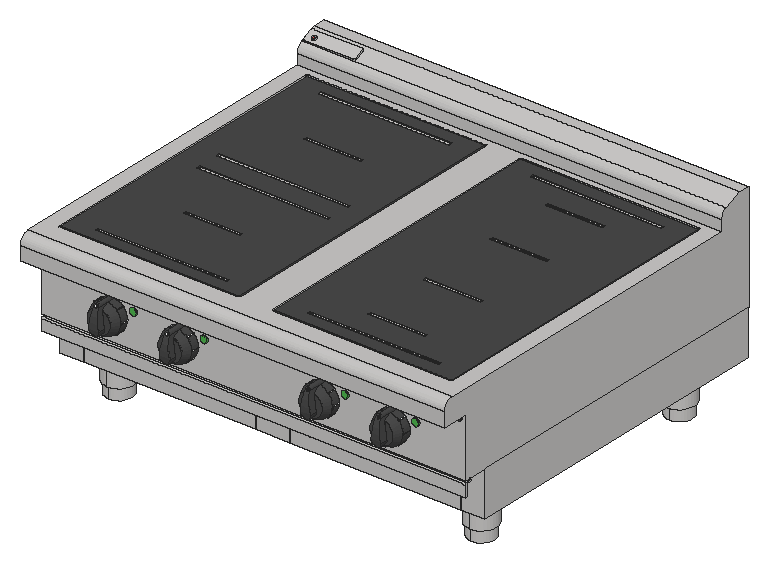
Revit family "QF_Moffat_INL8400R5F-B_Induction Cooktop_cat", category Specialty Equipment, Revit 2019 (continued)
Definition of nested family "QF_LOGO_Waldorf1"
  Automatic sketch dimensions
    Extrusion 1 sketch curve to Extrusion 1 sketch curve = 3.464 mm  (x3)
    Extrusion 1 sketch curve to Extrusion 1 sketch curve = 3.541 mm
    Extrusion 1 sketch curve to Extrusion 1 sketch curve = 4.325 mm
    Extrusion 1 sketch curve to Extrusion 1 sketch curve = 19.783 mm
    Extrusion 1 sketch curve to Extrusion 1 sketch curve = 7.592 mm
    plane 3 "LEFT" to Extrusion 2 sketch curve = 15.25 mm
    Extrusion 2 sketch curve to Extrusion 2 sketch curve = 4.325 mm
    plane 3 "LEFT" to Extrusion 3 sketch curve = 14.75 mm
    Extrusion 3 sketch curve to Extrusion 3 sketch curve = 4.325 mm
    Extrusion 1 to Split face 1 sketch curve = 6.879 mm
    Split face 1 sketch curve to Extrusion 1 = 5.728 mm
    Split face 1 sketch curve to Split face 1 sketch curve = 3.132 mm
    Split face 1 sketch curve to Split face 1 sketch curve = 4.068 mm
    Split face 1 sketch curve to Split face 1 sketch curve = 3.051 mm
    Split face 1 sketch curve to Split face 1 sketch curve = 4.203 mm
    Split face 1 sketch curve to Split face 1 sketch curve = 2.916 mm
    Split face 1 sketch curve to Split face 1 sketch curve = 3.456 mm
    Split face 1 sketch curve to Split face 1 sketch curve = 2.934 mm
    Split face 1 sketch curve to Split face 1 sketch curve = 4.131 mm
    Split face 1 sketch curve to Split face 1 sketch curve = 3.96 mm
    Split face 1 sketch curve to Split face 1 sketch curve = 0 mm  (x2)
    Split face 1 sketch curve to Extrusion 1 = 9.736 mm  (x2)
    Extrusion 1 to Split face 1 sketch curve = 6.337 mm
    Extrusion 1 to Split face 1 sketch curve = 6.231 mm
    Extrusion 1 to Split face 1 sketch curve = 3.184 mm
    Extrusion 1 to Split face 1 sketch curve = 13.135 mm
    Split face 1 sketch curve to Split face 1 sketch curve = 4.652 mm
    Split face 1 sketch curve to Split face 1 sketch curve = 3.593 mm
    Split face 1 sketch curve to Split face 1 sketch curve = 1.863 mm
    Split face 1 sketch curve to Split face 1 sketch curve = 0.713 mm
    Split face 1 sketch curve to Split face 1 sketch curve = 2.684 mm
    Split face 1 sketch curve to Split face 1 sketch curve = 3.294 mm
    Split face 1 sketch curve to Split face 1 sketch curve = 0.459 mm
    Split face 1 sketch curve to Split face 1 sketch curve = 2.775 mm
    Split face 1 sketch curve to Split face 1 sketch curve = 1.89 mm
    Split face 1 sketch curve to Split face 1 sketch curve = 0.685 mm
    Split face 1 sketch curve to Split face 1 sketch curve = 9.486 mm
    Split face 1 sketch curve to Split face 1 sketch curve = 16.213 mm
    Split face 1 sketch curve to Split face 1 sketch curve = 3.48 mm
    Split face 1 sketch curve to Split face 1 sketch curve = 4.918 mm
    Split face 1 sketch curve to Split face 1 sketch curve = 7.609 mm
    Split face 1 sketch curve to Split face 1 sketch curve = 0.01 mm  (x2)
    Split face 1 sketch curve to Split face 1 sketch curve = 0.002 mm
    Split face 2 sketch curve to Extrusion 1 = 11.169 mm
    Extrusion 1 to Split face 2 sketch curve = 25.647 mm
    Split face 2 sketch curve to Split face 2 sketch curve = 3.72 mm
    Split face 2 sketch curve to Extrusion 1 = 11.965 mm
    Split face 2 sketch curve to Split face 2 sketch curve = 0.371 mm
    Split face 2 sketch curve to Extrusion 1 = 6.602 mm
    Split face 2 sketch curve to Split face 2 sketch curve = 2.689 mm
    Split face 2 sketch curve to Split face 2 sketch curve = 0.318 mm
    Split face 2 sketch curve to Split face 2 sketch curve = 3.729 mm
    Split face 2 sketch curve to Split face 2 sketch curve = 0.414 mm
    Split face 2 sketch curve to Split face 2 sketch curve = 0.875 mm
    Split face 2 sketch curve to Split face 2 sketch curve = 0.878 mm
    Split face 3 sketch curve to Extrusion 1 = 8.597 mm
    Extrusion 1 to Split face 3 sketch curve = 29.688 mm
    Split face 3 sketch curve to Extrusion 1 = 9.264 mm
    Split face 3 sketch curve to Split face 3 sketch curve = 2.326 mm
    Split face 4 sketch curve to Extrusion 1 = 5.728 mm
    Extrusion 1 to Split face 4 sketch curve = 38.08 mm
    Split face 4 sketch curve to Split face 4 sketch curve = 3.843 mm
    Split face 4 sketch curve to Extrusion 1 = 9.736 mm
    Split face 5 sketch curve to Extrusion 1 = 9.736 mm
    Split face 5 sketch curve to Extrusion 1 = 43.205 mm
    Split face 5 sketch curve to Extrusion 1 = 6.679 mm
    Split face 5 sketch curve to Split face 5 sketch curve = 0.342 mm
    Split face 5 sketch curve to Split face 5 sketch curve = 3.375 mm
    Split face 5 sketch curve to Split face 5 sketch curve = 0.952 mm
    Split face 5 sketch curve to Split face 5 sketch curve = 3.998 mm
    Split face 6 sketch curve to Extrusion 1 = 7.499 mm
    Split face 6 sketch curve to Extrusion 1 = 44.727 mm
    Split face 6 sketch curve to Split face 6 sketch curve = 2.07 mm
    Split face 7 sketch curve to Extrusion 1 = 5.305 mm
    Split face 7 sketch curve to Extrusion 1 = 32.551 mm
    Split face 7 sketch curve to Split face 7 sketch curve = 4.443 mm
    Split face 8 sketch curve to Extrusion 1 = 7.654 mm
    Split face 8 sketch curve to Extrusion 1 = 32.551 mm
    Split face 8 sketch curve to Split face 8 sketch curve = 2.095 mm
    Split face 9 sketch curve to Extrusion 1 = 5.728 mm
    Split face 9 sketch curve to Extrusion 1 = 25.521 mm
    Split face 9 sketch curve to Split face 9 sketch curve = 3.519 mm
    Split face 9 sketch curve to Split face 9 sketch curve = 0.315 mm
    Split face 9 sketch curve to Split face 9 sketch curve = 3.33 mm
    Split face 9 sketch curve to Split face 9 sketch curve = 3.248 mm
    Split face 9 sketch curve to Split face 9 sketch curve = 1.795 mm
    Split face 9 sketch curve to Split face 9 sketch curve = 3.36 mm
    Split face 9 sketch curve to Split face 9 sketch curve = 1.545 mm
    Split face 9 sketch curve to Split face 9 sketch curve = 0.233 mm
    Split face 10 sketch curve to Extrusion 1 = 18.106 mm
    Split face 10 sketch curve to Split face 10 sketch curve = 1.188 mm  (x2)
    Split face 10 sketch curve to Split face 10 sketch curve = 3.285 mm
    Split face 10 sketch curve to Split face 10 sketch curve = 3.789 mm
    Split face 10 sketch curve to Split face 10 sketch curve = 0 mm  (x2)
    Split face 10 sketch curve to Split face 10 sketch curve = 1.629 mm
    Split face 10 sketch curve to Split face 10 sketch curve = 2.133 mm
    Split face 10 sketch curve to Extrusion 1 = 5.728 mm
    Split face 10 sketch curve to Split face 10 sketch curve = 6.245 mm
    Split face 10 sketch curve to Split face 10 sketch curve = 1.907 mm  (x2)
    Split face 10 sketch curve to Split face 10 sketch curve = 1.197 mm
    Split face 10 sketch curve to Split face 10 sketch curve = 2.19 mm
